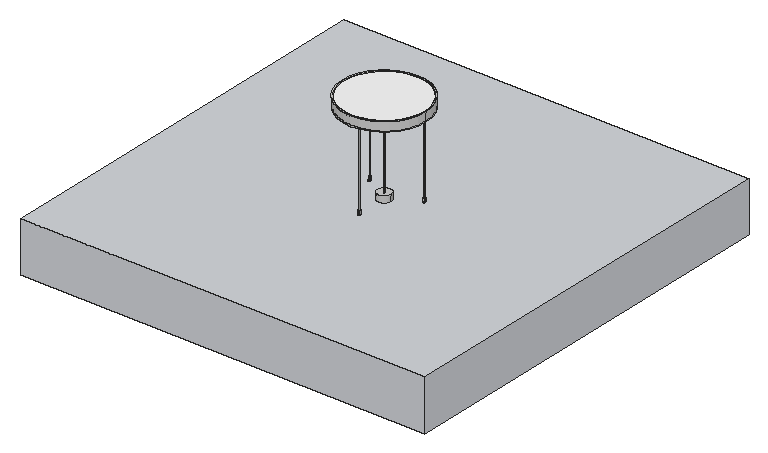
Revit family "en-halla-elumi-circle-suspendedrfa", category Осветительные приборы, Revit 2017
Family settings
  Основа = Грань
  Размер круглого соединителя = Использовать диаметр
  Тип детали = Нормальный
  Номер OmniClass = 23.80.70.11.11
  Заголовок OmniClass = General Luminaries, Non Directional
  При загрузке вырезать с полостями = Нет
  Источник света = Нет
  Общий = Нет
  Точка расчета площади = Нет
Parameters
  Shape thickness = 7 mm  # constant formula
  Youtube clip = ""
  Weight Net (Kg) = "0"
  Voltage = ""
  Uniclass 2.0 Description = "Luminaires And Lamps"
  Uniclass 2.0 Code = "PR-49"
  Uniclass 1.4 Description = "Luminaires and lamps"
  Uniclass 1.4 Code = "JY73"
  UNSPSC Code = "3911"
  Technical description = ""
  Switched on [instance] = yes
  Switched off [instance] = not(Switched on)  # no
  Suspension height [instance] = 500 mm
  Source used = ""
  Source type = ""
  Shape of luminaire = ""
  Region South America = "All"
  Region Oceania = "All"
  Region North America = "All"
  Region Middle East = "All"
  Region Europe = "All"
  Region Asia = "All"
  Region Antarctica = "All"
  Region Africa = "All"
  Real suspension height [instance] = if(Suspension height > 2000 mm, 2000 mm, if(Suspension height < 36 mm, 36 mm, Suspension height))  # 500 mm
  QR code = "http://file-system.ru/catalog/zdaniya_i_sooruzheniya/interer/osveshchenie/halla_elumi_circle_su_svetilnik_podvesnoy/"
  Accessory [instance] = HALLA accessory - wire suspension 3 wires, for cable 2000mm : 13-0002, S - silver
  Полная установленная мощность = Power input  # 84 VA
  Изготовитель = "HALLA"  # constant formula
  Default Elevation = 0 mm
  URL = "www.halla.cz"
  Lighting diameter = Lighting length  # 500 mm
  Diameter of diffuser = Lighting diameter - 2 * Shape thickness  # 486 mm
  Protection class = ""
  Product group = "ELUMI"
  Product family = "Indoor Luminaires"
  Product data url = ""
  Product code = ""
  Product certification = ""
  Product URL = ""
  Product SKU = "elumi_circle"
  Price (EUR) = 0
  Power input = 84 W
  Description = ""
  Optics type = ""
  Suspension distance from axis = Lighting diameter / 2 - 60 mm  # 190 mm
  Number of sources = 1
  Nominal width = "0.00"
  Nominal height = "55.00"
  NBS Reference Description = "Luminaires And Lamps"
  NBS Reference Code = "49"
  Material secondary = ""
  Material of luminaire = "Hliník"
  Material main = "Aluminium"
  Manufacturer name = "HALLA"
  Manufacturer country = "Czech Republic"
  Lighting width = 500 mm
  Lighting source distance [instance] = Real suspension height + Lighting height + 0.1 mm  # 555.1 mm
  Lighting length = 500 mm
  Lighting height = 55 mm
  Lighting dimensions = ""
  LED source = yes
  Installation instructions = ""
  Installation instruction = ""
  Initial intensity = ""
  Initial colour = ""
  IP Code = ""
  IFC Classification = "Light Fixture"
  Frequency = ""
  Energy class = ""
  Electric potential = 230 V  # constant formula
  Код по классификатору = "D5020200"
  Edition number = "1"
  EAN code = ""
  EAN = ""
  Distribution = ""
  Designer = ""
  Design country = "Czech Republic"
  Depth = "0.00"
  Date of publishing = "2014-12-14"
  Data sheet = ""
  Control gear option = ""
  Colour of luminaire = Aluminium - silver
  COBIe Type Category = ""
Reference planes
  plane 1 "Střed (vpředu/vzadu)": y = 0
  plane 2: z = 0
  plane 3 "Střed (vlevo/vpravo)": x = 0
  plane 4 "BP_Světlo spodní": z = 500
  plane 5 "BP_Světlo horní": z = 555
  plane 6 "BP_Zdroj světla": z = 527.5
Forms (mm)
  Extrusion 1, solid
    sketch origin (0, 0, 0) x (1, 0, 0) y (0, 1, 0)
      loop
        line (-1219.2, 1219.2) -> (-1219.2, -1219.2) -> (1219.2, -1219.2) -> (1219.2, 1219.2) -> (-1219.2, 1219.2)
    from 0 to -304.8
  Extrusion 2, solid, material "Aluminium - silver" <- "Colour of luminaire"
    sketch origin (0, 0, 500) x (-1, 0, 0) y (0, -1, 0)
      loop
        circle (0, 0) r 250
    from 0 to 7
  Extrusion 3, solid, material "Aluminium - silver" <- "Colour of luminaire"
    sketch origin (0, 0, 500) x (-1, 0, 0) y (0, -1, 0)
      loop
        circle (0, 0) r 250
      loop
        circle (0, 0) r 243
    from 7 to 55
  Extrusion 4, solid, material "Diffuser - light switched on", visible <- "Switched off"
    sketch origin (0, 0, 500) x (-1, 0, 0) y (0, -1, 0)
      loop
        circle (0, 0) r 243
    from 51 to 55
  Extrusion 5, solid, material "Diffuser - light switched off", visible <- "Switched on"
    sketch origin (0, 0, 500) x (-1, 0, 0) y (0, -1, 0)
      loop
        circle (0, 0) r 243
    from 51 to 55
Cuts and joins
  joined: Extrusion 2, Extrusion 3
Dimensions and locks
  equal spacing: plane 5 "BP_Světlo horní", plane 6 "BP_Zdroj světla", plane 4 "BP_Světlo spodní"
  "Real suspension height": plane 4 "BP_Světlo spodní" to Extrusion 1
  "Lighting height": plane 5 "BP_Světlo horní" to plane 4 "BP_Světlo spodní"
  "Lighting diameter": diameter of Extrusion 2 sketch curve
  "Lighting diameter": diameter of Extrusion 3 sketch curve
  "Diameter of diffuser": diameter of Extrusion 4 sketch curve
  "Diameter of diffuser": diameter of Extrusion 5 sketch curve
  aligned and locked: plane 2 to Extrusion 1
  aligned and locked: level to Extrusion 1
Automatic sketch dimensions
  Extrusion 1 sketch curve to Extrusion 1 sketch curve = 2438.4 mm  (x2)
  plane 1 "Střed (vpředu/vzadu)" to Extrusion 2 sketch curve = 0 mm
  Extrusion 2 sketch curve to plane 3 "Střed (vlevo/vpravo)" = 0 mm
  Extrusion 3 sketch curve to Extrusion 3 sketch curve = 0 mm  (x2)
  plane 1 "Střed (vpředu/vzadu)" to Extrusion 3 sketch curve = 0 mm
  Extrusion 3 sketch curve to plane 3 "Střed (vlevo/vpravo)" = 0 mm
  Extrusion 3 sketch curve to Extrusion 3 sketch curve = 7 mm
  plane 1 "Střed (vpředu/vzadu)" to Extrusion 4 sketch curve = 0 mm
  Extrusion 4 sketch curve to plane 3 "Střed (vlevo/vpravo)" = 0 mm
  plane 1 "Střed (vpředu/vzadu)" to Extrusion 5 sketch curve = 0 mm
  Extrusion 5 sketch curve to plane 3 "Střed (vlevo/vpravo)" = 0 mm
Nested families
  nested 1: "HALLA accessory - wire suspension 3 wires, for cable 2000mm" at (0, 0, 0), Odsazení zavěšení od osy <- "Suspension distance from axis", Délka zavěšení <- "Real suspension height", type <- "Accessory", type "13-0002, S - silver", detail levels fine
    with Odsazení zavěšení od osy 190 mm, Délka zavěšení 500 mm
  nested 2: "ELUMI - source" at (-1.988, 0, 555.1), built-in parameter 1001364 <- "Lighting source distance", type "ELUMI - source"
Connectors
  electrical at (0, 0, 0), driven by "Electric potential", driven by "Полная установленная мощность"
    settings: on nested 1, index 1, voltage 230 V, apparent load 84 VA, apparent load phase1 0 VA, apparent load phase2 0 VA, apparent load phase3 0 VA, power factor 1, load classification "Osvětlení", number of poles 1, system type 30, power factor state 0, is connector primary yes, connector utility no, sub classification motor no, connector description ""
Definition of nested family "HALLA accessory - wire suspension 3 wires, for cable 2000mm"
  Parameters
    Manufacturer = "HALLA"  # constant formula
    Default Elevation = 500 mm
    URL výrobku = "http://www.halla.cz/rundo/svitidlo-19-250k-1v1ue-w.html"
    URL = "http.//www.halla.cz"
    Description = "Příslušenství ke svítidlům HALLA"  # constant formula
    Odsazení zavěšení od osy [instance] = 300 mm
    Model = "Lankový závěs 3 lanka, určen pro přív. vodič 2000mm"
    Kód výrobku = "13-0002, S"
    Assembly Code = "D5020200"
    Keynote = ""
    EAN = ""
    Délka zavěšení [instance] = 300 mm
    Designér = ""
    Copyright = "Pro HALLA, s.r.o., vytvořil BIM Project s.r.o."  # constant formula
    Barva svítidla = none
  Reference planes
    plane 1 "Střed (vpředu/vzadu)": y = 0
    plane 2: z = 0
    plane 3 "Střed (vlevo/vpravo)": x = 0
    plane 4 "Horní": z = 300
  Forms (mm)
    Revolve 1, solid, material <- "Barva svítidla"
      sketch origin (0, 0, 0) x (0, -1, 0) y (0, 0, 1)
        loop
          line (300, 19.35) -> (294.015, 19.35) -> (294.015, 1.35) -> (292.108, 1.35) -> (292.108, 0) -> (300, 0) -> (300, 19.35)
        axis (300, 0) -> (300, 19.35)
      angle from 0 to 360
    Extrusion 2, solid
      sketch origin (0, 0, 0) x (0, -1, 0) y (1, 0, 0)
        loop
          circle (300, 0) r 1.018
      from 0 to 300 <- "Délka zavěšení"
    Revolve 3, solid, not visible
      sketch origin (0, 0, 0) x (0, 1, 0) y (0, 0, 1)
        loop
          line (-600, 19.35) -> (-600, 0) -> (-592.108, 0) -> (-592.108, 1.35) -> (-594.015, 1.35) -> (-594.015, 19.35) -> (-600, 19.35)
        axis (-600, 0) -> (-600, 19.35)
      angle from 0 to 360
    Revolve 4, solid, not visible
      sketch origin (0, 0, 0) x (0, 1, 0) y (0, 0, 1)
        loop
          line (-600, 600) -> (-600, 568.8) -> (-598, 568.8) -> (-598, 575.5) -> (-595.494, 575.5) -> (-595.494, 600) -> (-600, 600)
        axis (-600, 568.8) -> (-600, 600)
      angle from 0 to 360
    Extrusion 5, solid, not visible
      sketch origin (0, 0, 0) x (1, 0, 0) y (0, 1, 0)
        loop
          circle (0, -600) r 1.018
      from 0 to 300 <- "Délka zavěšení"
    Extrusion 6, solid, material <- "Barva svítidla"
      sketch origin (-150, 150, 0) x (1, 0, 0) y (0, 1, 0)
        loop
          circle (150, -150) r 40
      from 0 to 35
    Extrusion 7, solid
      sketch origin (-150, 150, 0) x (1, 0, 0) y (0, 1, 0)
        loop
          circle (150, -150) r 1.988
      from 0 to 300 <- "Délka zavěšení"
    Extrusion 8, solid
      sketch origin (0, 0, 0) x (0.866025, 0.5, 0) y (-0.5, 0.866025, 0)
        loop
          circle (300, 0) r 1
      from 0 to 300 <- "Délka zavěšení"
    Extrusion 9, solid
      sketch origin (0, 0, 0) x (-0.866025, 0.5, 0) y (-0.5, -0.866025, 0)
        loop
          circle (300, 0) r 1.015
      from 0 to 300 <- "Délka zavěšení"
    Revolve 10, solid, material <- "Barva svítidla"
      sketch origin (0, 0, 0) x (0.866025, 0.5, 0) y (0, 0, 1)
        loop
          line (294.015, 19.35) -> (294.015, 1.35) -> (292.108, 1.35) -> (292.108, 0) -> (300, 0) -> (300, 19.35) -> (294.015, 19.35)
        axis (300, 0) -> (300, 19.35)
      angle from 0 to 360
    Revolve 11, solid, material <- "Barva svítidla"
      sketch origin (0, 0, 0) x (-0.866025, 0.5, 0) y (0, 0, 1)
        loop
          line (300, 0) -> (300, 19.35) -> (294.015, 19.35) -> (294.015, 1.35) -> (292.108, 1.35) -> (292.108, 0) -> (300, 0)
        axis (300, 19.35) -> (300, 0)
      angle from 0 to 360
    Revolve 12, solid, material <- "Barva svítidla"
      sketch origin (0, 0, 300) x (0, -1, 0) y (0, 0, 1)
        loop
          line (300.017, 0) -> (295.512, 0) -> (295.512, -24.5) -> (298.017, -24.5) -> (298.017, -31.2) -> (300.017, -31.2) -> (300.017, 0)
        axis (300.017, -31.2) -> (300.017, 0)
      angle from 0 to 360
    Revolve 13, solid, material <- "Barva svítidla"
      sketch origin (0, 0, 300) x (0.866025, 0.5, 0) y (0, 0, 1)
        loop
          line (300.099, 0) -> (295.46, 0) -> (295.46, -24.5) -> (297.965, -24.5) -> (297.965, -31.2) -> (300.099, -31.2) -> (300.099, 0)
        axis (300.099, -31.2) -> (300.099, 0)
      angle from 0 to 360
    Revolve 14, solid, material <- "Barva svítidla"
      sketch origin (0, 0, 300) x (-0.866025, 0.5, 0) y (0, 0, 1)
        loop
          line (300, 0) -> (295.494, 0) -> (295.494, -24.5) -> (298, -24.5) -> (298, -31.2) -> (300, -31.2) -> (300, 0)
        axis (300, 0) -> (300, -31.2)
      angle from 0 to 360
  Lines and regions (mm)
    reference lines
      curve 1: circle (0, 0, 0) r 300 normal (0, 0, 1)
      curve 2: line (0, 0, 0) -> (0, -300, 0)
      curve 3: line (0, 0, 0) -> (259.808, 150, 0)
      curve 4: line (0, 0, 0) -> (-259.808, 150, 0)
      curve 5: line (0, 0, 300) -> (259.808, 150, 300)
      curve 6: line (0, 0, 300) -> (-259.808, 150, 300)
      curve 7: line (0, 0, 300) -> (0, -300, 300)
      curve 8: circle (0, 0, 300) r 300 normal (0, 0, 1)
  Dimensions and locks
    "Délka zavěšení": plane 4 "Horní" to level
    "Odsazení zavěšení od osy": radius of curve 1
    "Odsazení zavěšení od osy": radius of curve 8
    equal spacing: curve 3, plane 3 "Střed (vlevo/vpravo)", curve 4
    angle curve 3 to curve 4 = 120.00°
    equal spacing: curve 5, curve 6, curve 7
    aligned and locked: level to plane 2
  Automatic sketch dimensions
    Revolve 4 sketch curve to Revolve 4 sketch curve = 4.506 mm
    Revolve 4 sketch curve to Revolve 4 sketch curve = 6.7 mm
    Revolve 3 sketch curve to Revolve 3 sketch curve = 1.906 mm
    Revolve 3 sketch curve to Revolve 3 sketch curve = 18 mm
    Revolve 3 sketch curve to Revolve 3 sketch curve = 5.985 mm
    Revolve 3 sketch curve to Revolve 3 sketch curve = 1.35 mm
    Revolve 3 sketch curve to Revolve 3 sketch curve = 0 mm
    Revolve 3 sketch curve to Revolve 3 sketch curve = 304.8 mm
    Revolve 3 sketch curve to Revolve 3 sketch curve = 2419.05 mm
    Revolve 4 sketch curve to Revolve 4 sketch curve = 2.506 mm
    Revolve 4 sketch curve to Revolve 4 sketch curve = 24.5 mm
    Revolve 4 sketch curve to Revolve 4 sketch curve = 0 mm
    Revolve 4 sketch curve to Revolve 4 sketch curve = 873.6 mm
    Revolve 4 sketch curve to Revolve 4 sketch curve = 1838.4 mm
    curve 2 to Revolve 1 sketch curve = 0 mm
    Revolve 1 sketch curve to curve 2 = 0 mm  (x2)
    Revolve 1 sketch curve to curve 2 = 304.8 mm
    curve 2 to Revolve 1 sketch curve = 19.35 mm
    curve 2 to Revolve 1 sketch curve = 2138.4 mm
    Revolve 1 sketch curve to curve 2 = 1.35 mm
    Revolve 1 sketch curve to curve 2 = 5.985 mm
    Revolve 1 sketch curve to Revolve 1 sketch curve = 1.906 mm
    Extrusion 2 sketch curve to curve 2 = 0 mm  (x2)
    plane 1 "Střed (vpředu/vzadu)" to Extrusion 7 sketch curve = 0 mm
    Extrusion 7 sketch curve to plane 3 "Střed (vlevo/vpravo)" = 0 mm
    curve 3 to Extrusion 8 sketch curve = 0 mm
    Extrusion 8 sketch curve to curve 3 = 0 mm
    Extrusion 9 sketch curve to curve 4 = 0 mm  (x2)
    plane 1 "Střed (vpředu/vzadu)" to Extrusion 6 sketch curve = 0 mm
    Extrusion 6 sketch curve to plane 3 "Střed (vlevo/vpravo)" = 0 mm
    curve 3 to Revolve 10 sketch curve = 0 mm
    Revolve 10 sketch curve to curve 3 = 0 mm  (x2)
    curve 3 to Revolve 10 sketch curve = 19.35 mm  (x2)
    curve 3 to Revolve 10 sketch curve = 31.149 mm
    Revolve 10 sketch curve to Revolve 10 sketch curve = 5.985 mm
    Revolve 10 sketch curve to Revolve 10 sketch curve = 1.906 mm
    Revolve 10 sketch curve to curve 3 = 1.35 mm
    Revolve 11 sketch curve to curve 4 = 0 mm  (x3)
    curve 4 to Revolve 11 sketch curve = 19.35 mm
    curve 4 to Revolve 11 sketch curve = 461.641 mm
    curve 4 to Revolve 11 sketch curve = 468.8 mm
    Revolve 11 sketch curve to Revolve 11 sketch curve = 5.985 mm
    Revolve 11 sketch curve to Revolve 11 sketch curve = 1.906 mm
    Revolve 11 sketch curve to curve 4 = 1.35 mm
    curve 7 to Revolve 12 sketch curve = 0 mm  (x2)
    Revolve 12 sketch curve to curve 7 = 4.488 mm
    Revolve 12 sketch curve to curve 7 = 1.983 mm
    curve 7 to Revolve 12 sketch curve = 0.017 mm
    Revolve 12 sketch curve to curve 7 = 24.5 mm
    Revolve 12 sketch curve to curve 7 = 31.2 mm
    Revolve 12 sketch curve to Revolve 12 sketch curve = 0 mm
    curve 7 to Revolve 12 sketch curve = 10 mm
    curve 5 to Revolve 13 sketch curve = 0 mm  (x2)
    Revolve 13 sketch curve to curve 5 = 4.54 mm
    Revolve 13 sketch curve to curve 5 = 2.035 mm
    curve 5 to Revolve 13 sketch curve = 0.099 mm
    Revolve 13 sketch curve to curve 5 = 24.5 mm
    Revolve 13 sketch curve to curve 5 = 31.2 mm
    Revolve 13 sketch curve to Revolve 13 sketch curve = 0 mm
    curve 5 to Revolve 13 sketch curve = 8.737 mm
    Revolve 14 sketch curve to curve 6 = 0 mm  (x3)
    Revolve 14 sketch curve to curve 6 = 32.154 mm
    Revolve 14 sketch curve to curve 6 = 31.2 mm  (x2)
    Revolve 14 sketch curve to curve 6 = 2 mm
    Revolve 14 sketch curve to curve 6 = 4.506 mm
    Revolve 14 sketch curve to curve 6 = 24.5 mm
    curve 2 to plane 3 "Střed (vlevo/vpravo)" = 0 mm
    plane 1 "Střed (vpředu/vzadu)" to curve 1 = 0 mm
    curve 1 to plane 3 "Střed (vlevo/vpravo)" = 0 mm
    plane 1 "Střed (vpředu/vzadu)" to curve 2 = 0 mm
    plane 1 "Střed (vpředu/vzadu)" to curve 6 = 0 mm
    curve 6 to plane 3 "Střed (vlevo/vpravo)" = 0 mm
    plane 1 "Střed (vpředu/vzadu)" to curve 8 = 0 mm
    curve 8 to plane 3 "Střed (vlevo/vpravo)" = 0 mm
    radius of Extrusion 5 sketch curve = 1.018 mm
    radius of Extrusion 2 sketch curve = 1.018 mm
    radius of Extrusion 7 sketch curve = 1.988 mm
    radius of Extrusion 8 sketch curve = 1 mm
    radius of Extrusion 9 sketch curve = 1.015 mm
    radius of Extrusion 6 sketch curve = 40 mm
Definition of nested family "ELUMI - source"
  Parameters
    built-in parameter 1150104 = 13.8 (stored number, unit not read)
    Tilt Angle = -90.00°
    built-in parameter 1150112 = 1 (stored number, unit not read)
    built-in parameter 1114218 = 1 (stored number, unit not read)
    built-in parameter 1150109 = 1 (stored number, unit not read)
    built-in parameter 1150110 = 1 (stored number, unit not read)
    built-in parameter 1150133 = 10 (stored number, unit not read)
    built-in parameter 1150134 = 12
    Lumens = 3040 lm
    Photometric Web File = "ELUMI 13-551K-1V1UE.ies"
    Wattage = 20.4656 W
    built-in parameter 1150107 = 4000 (stored number, unit not read)
    built-in parameter 1150102 = (empty or 0)
    built-in parameter 1150138 = (empty or 0)
    Dimming Lamp Color Temperature Shift = (empty or 0)
    built-in parameter 1150114 = 1 (stored number, unit not read)
    built-in parameter 1150115 = 1 (stored number, unit not read)
    built-in parameter 1150106 = 3.6936 (stored number, unit not read)
    built-in parameter 1150137 = (empty or 0)
    built-in parameter 1150132 = 2
    built-in parameter 1150105 = 369.36 (stored number, unit not read)
    built-in parameter 1150139 = (empty or 0)
    built-in parameter 1150113 = 1 (stored number, unit not read)
    Emit from Circle Diameter = 609.6 mm
    Emit Shape Visible in Rendering = no
    built-in parameter 1114217 = 1 (stored number, unit not read)
    Color Filter = 16777215
  Reference planes
    plane 1 "Střed (vpředu/vzadu)": y = 0
    plane 2: z = 0
    plane 3 "Střed (vlevo/vpravo)": x = 0
  Lines and regions (mm)
    model lines, not visible
      curve 1: line (0, 0, 0) -> (0, 540, 0)
      curve 2: line (0, 0, 0) -> (420, 0, 0)
  Dimensions and locks
    aligned and locked: level to plane 2
